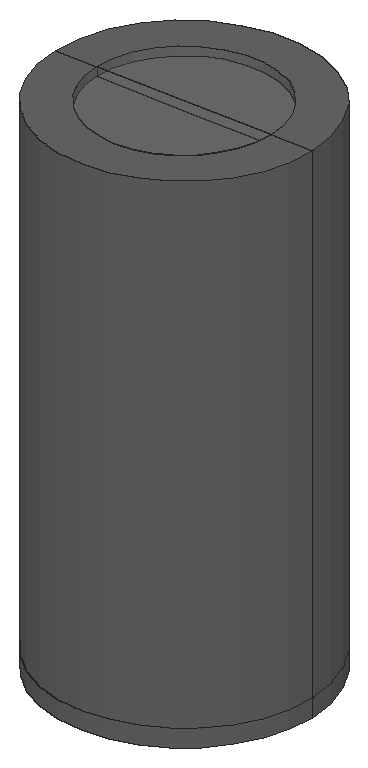
Revit family "LTC-6RDW-S", category Lighting Fixtures, host Face, Revit 2017
Family settings
  Host = Face
  Round Connector Dimension = Use Diameter
  Part Type = Normal
  OmniClass Number = 23.80.70.11.14.11
  OmniClass Title = Downlights
  Cut with Voids When Loaded = No
  Light Source = Yes
  Shared = No
  Room Calculation Point = No
Parameters (values of type "LTC-6RDW-S")
  Wattage Comments = ""
  Wattage = 70 W
  Warranty = "• 5 year warranty\r\n• See HLI Standard Warranty for\r\nadditional information"  # constant formula
  built-in parameter 1150110 = 1 (stored number, unit not read)
  Voltage = 120 V
  built-in parameter 1114217 = 1 (stored number, unit not read)
  Tilt Angle = -90.00°  # constant formula
  built-in parameter 1150109 = 1 (stored number, unit not read)
  built-in parameter 1150134 = 3
  built-in parameter 1150113 = 1 (stored number, unit not read)
  SRMD = no
  S = yes
  Product Material = Paint - Hubbell - Carbon Black
  Photometric Web File = "LTC-6RD-P-20L35K8MD-DM1-S-BL.ies"
  Glass = Hubbell - White Glass
  Features = "• 6inch architectural LED downlight and wall wash cylinder\r\ndelivering 600 - 7000 lm\r\n• 4 beam distributions from 0.3 to 1.1 Spacing Criteria\r\n• Quiet reflector appearance with 50º optical cutoff\r\n• 2700K - 5000K, 80+ and 90+ CRI options\r\n• Available in Surface, Wall, Pendant, or Cord Mount configurations\r\n• Variety of dimming protocol options including 0-10V, DALI, DMX,\r\nForward Phase and EcoSystem\r"  # constant formula
  Cord Height = 72.000"
  built-in parameter 1150105 = 389.93 (stored number, unit not read)
  Lumens = 4900 lm
  built-in parameter 1150115 = 1 (stored number, unit not read)
  built-in parameter 1150137 = (empty or 0)
  built-in parameter 1150139 = (empty or 0)
  built-in parameter 1150112 = 1 (stored number, unit not read)
  built-in parameter 1150114 = 1 (stored number, unit not read)
  built-in parameter 1150132 = (empty or 0)
  built-in parameter 1150102 = (empty or 0)
  built-in parameter 1150107 = 3200 (stored number, unit not read)
  built-in parameter 1150138 = (empty or 0)
  built-in parameter 1150106 = 3.8993 (stored number, unit not read)
  Emit from Circle Diameter = 6.000"  # constant formula
  Emit Shape Visible in Rendering = no
  built-in parameter 1150104 = 6.5032 (stored number, unit not read)
  Dimming Lamp Color Temperature Shift = <None>
  Copyright = "© 2021 Prescolite, a division of Hubbell Lighting, Inc"  # constant formula
  Contact us = "https://www.hubbell.com/prescolite/en/contactUs"
  Color Filter = 16777215
  Certifications = "• cCSAus certified to UL 1598\r\n• Wall Mount: Suitable for wet locations\r\n• Surface & Pendant Mount: Suitable for wet\r\nlocations under covered ceiling\r\n• Cord Mount and all Wall Wash: Suitable for\r\ndamp locations"  # constant formula
  Canopy WIdth = 7.340"
  Canopy Height = 0.500"
  Canopy = yes
  built-in parameter 1114218 = 1 (stored number, unit not read)
  Ballast = Paint - Hubbell - Carbon Black
  URL = "http://www.prescolite.com/"
  Product Page URL = "https://www.hubbell.com/prescolite/en/Products/Lighting-Controls/Commercial-Indoor-Lighting/Cylinder/LITEISTRY-6-Round-Cylinder-DownlightWall-Wash/p/3775872"
  Product Documentation Link = "https://hubbellcdn.com/specsheet/LTC-6RDW.pdf"
  Model = "LTC-6RDW"  # constant formula
  Manufacturer = "Prescolite"  # constant formula
  Lamp = "LED Lamp"
  Reflector = Glass - Hubbell - Glass
  Description = "LITEISTRY™ 6inch Round Cylinder Downlight/Wall Wash"  # constant formula
  Default Elevation = 48.000"
  built-in parameter 1150133 = 10 (stored number, unit not read)
  Apparent Load = 72 VA  # constant formula
Types (6): name | SRMD | S | Canopy WIdth | Canopy Height
  (no name) | no | yes | 7.340" | 0.500"
  LTC-6RDW-SRMD | yes | no | 7.500" | 3.000"
  LTC-6RDW-S | no | yes | 7.340" | 0.500"
  LTC-6RDW-SCC | no | no | 7.500" | 3.000"
  LTC-6RDW-SPC | no | yes | 7.500" | 3.000"
  LTC-6RDW-SPCC | no | no | 7.580" | 4.500"
Reference planes (in)
  plane 1 "Center (Front/Back)": y = 0
  plane 2: z = 0
  plane 3 "Center (Left/Right)": x = 0
  plane 4: y = 1
  plane 5: y = -1
  plane 6: x = 3
  plane 7: x = -3
  plane 8: x = -2.75391
  plane 9: x = 2.75391
  plane 10: x = -3.67
  plane 11: x = 3.67
  plane 12: z = 0.5
  plane 13: z = 14.5
Forms (in)
  Revolve 1, solid, material "Paint - Hubbell - Carbon Black" <- "Ballast", visible <- "SRMD"
    sketch origin (0, 0, 0) x (1, 0, 0) y (0, 0, 1)
      loop
        line (0, -6) -> (0, 0.00055) -> (-2.5, 0.00055) -> (-2.5, -0.43712)
        arc (-2.5, -0.43712) -> (-2.48175, -0.48119) -> (-2.43767, -0.49945) r 0.06233
        line (-2.43767, -0.49945) -> (-2.30081, -0.49945)
        arc (-2.30081, -0.49945) -> (-2.26488, -0.51433) -> (-2.25, -0.55026) r 0.05081
        line (-2.25, -0.55026) -> (-2.25, -4.55877)
        arc (-2.25, -4.55877) -> (-2.2306, -4.6056) -> (-2.18377, -4.625) r 0.06623
        line (-2.18377, -4.625) -> (-2.03463, -4.625)
        arc (-2.03463, -4.625) -> (-2.01014, -4.63514) -> (-2, -4.65963) r 0.03463
        line (-2, -4.65963) -> (-2, -5.88059)
        arc (-2, -5.88059) -> (-1.96503, -5.96503) -> (-1.88059, -6) r 0.11941
        line (-1.88059, -6) -> (0, -6)
      axis (0, 0.00055) -> (0, -6)
    angle from 0 to 360
  Revolve 2, solid, material "Paint - Hubbell - Carbon Black" <- "Product Material"
    sketch origin (-0.04663, 0, 1) x (1, 0, 0) y (0, 0, 1)
      loop
        line (2.545, 13.5) -> (2.545, 13.25) -> (0.04663, 13.25) -> (0.04663, -0.5) -> (3.71663, -0.5) -> (3.71663, 13.5) -> (2.545, 13.5)
      axis (0.04663, 13.5) -> (0.04663, -0.5)
    angle from 0 to 360
  Revolve 3, solid, material "Hubbell - White Glass" <- "Glass"
    sketch origin (-0.04663, 0, 0) x (1, 0, 0) y (0, 0, 1)
      loop
        line (0.04663, 14.5) -> (0.04663, 14.25) -> (2.545, 14.25) -> (2.545, 14.5) -> (0.04663, 14.5)
      axis (0.04663, 14.5) -> (0.04663, 14.25)
    angle from 0 to 360
  Revolve 4, solid, material "Paint - Hubbell - Carbon Black" <- "Product Material", visible <- "Canopy"
    sketch origin (-0.04663, 0, 0.25) x (1, 0, 0) y (0, 0, 1)
      loop
        line (0.04663, -0.25) -> (3.71663, -0.25) -> (3.71663, 0.25) -> (0.04663, 0.25) -> (0.04663, -0.25)
      axis (0.04663, 0.25) -> (0.04663, -0.25)
    angle from 0 to 360
  Revolve 5, solid, material "Paint - Hubbell - Carbon Black" <- "Ballast", visible <- "S"
    sketch origin (0, 0, 0) x (1, 0, 0) y (0, 0, 1)
      loop
        line (0, 0.00055) -> (0, -0.99945) -> (1.92, -0.99945) -> (1.92, 0.00055) -> (0, 0.00055)
      axis (0, 0.00055) -> (0, -0.99945)
    angle from 0 to 360
Dimensions and locks (in)
  plane 4 to plane 1 "Center (Front/Back)" to plane 5 = 1.000" locked, 1.000" locked
  host face to Revolve 1 sketch curve = 6.000"
  equal spacing: plane 11, plane 3 "Center (Left/Right)", plane 10
  "Canopy WIdth": plane 11 to plane 10
  "Canopy Height": plane 12 to plane 2
  Revolve 2 sketch curve to Revolve 2 sketch curve to Revolve 2 sketch curve = 0.250" locked, 13.750" locked
  locked: Revolve 2 to Revolve 2 at 0.25
  locked: plane 13 to plane 12 at 14
  aligned and locked: plane 2 to host face
  aligned and locked: plane 3 "Center (Left/Right)" to imposter light
  aligned and locked: Revolve 4 sketch curve to Revolve 4 sketch curve
  aligned and locked: Revolve 4 to plane 12
  aligned and locked: plane 13 to Revolve 2 sketch curve
  aligned and locked: Revolve 2 to plane 13
  aligned and locked: Revolve 3 sketch curve to plane 3 "Center (Left/Right)"
  aligned and locked: plane 3 "Center (Left/Right)" to Revolve 3 sketch curve
  aligned and locked: imposter light to plane 13
  aligned and locked: Revolve 2 sketch curve to plane 3 "Center (Left/Right)"
  aligned and locked: Revolve 2 sketch curve to Revolve 2 sketch curve
  aligned and locked: Revolve 4 sketch curve to plane 3 "Center (Left/Right)"
  aligned and locked: plane 11 to Revolve 4 sketch curve
  aligned and locked: Revolve 4 sketch curve to plane 12
  aligned and locked: Revolve 4 sketch curve to host face
Automatic sketch dimensions
  host sketch curve to host sketch curve = 96.000"  (x2)
  Revolve 1 sketch curve to plane 3 "Center (Left/Right)" = 0.000"  (x2)
  plane 8 to Revolve 1 sketch curve = 0.87332"
  Revolve 1 sketch curve to Revolve 1 sketch curve = 0.11941"
  Revolve 1 sketch curve to Revolve 1 sketch curve = 0.03463"
  Revolve 1 sketch curve to Revolve 1 sketch curve = 0.14914"
  Revolve 1 sketch curve to Revolve 1 sketch curve = 0.06623"
  Revolve 1 sketch curve to Revolve 1 sketch curve = 0.05081"
  Revolve 1 sketch curve to Revolve 1 sketch curve = 0.13687"
  level to Revolve 1 sketch curve = 0.00055"
  plane 8 to Revolve 1 sketch curve = 0.25391"
  Revolve 1 sketch curve to Revolve 1 sketch curve = 1.22096"
  Revolve 1 sketch curve to level = 0.55026"
  Revolve 1 sketch curve to Revolve 1 sketch curve = 17.63999"
  Revolve 1 sketch curve to plane 12 = 100.07883"
  Revolve 2 sketch curve to Revolve 2 sketch curve = 1.17163"
  Revolve 2 sketch curve to level = 23.000"
  Revolve 2 sketch curve to Revolve 2 sketch curve = 16.88245"
  Revolve 3 sketch curve to plane 12 = 13.750"
  Revolve 3 sketch curve to Revolve 3 sketch curve = 0.250"
  Revolve 3 sketch curve to level = 13.73828"
  Revolve 3 sketch curve to Revolve 3 sketch curve = 7.000"
  Revolve 4 sketch curve to level = 23.750"
  Revolve 4 sketch curve to Revolve 4 sketch curve = 24.89417"
  plane 3 "Center (Left/Right)" to Revolve 2 sketch curve = 2.49837"
  plane 3 "Center (Left/Right)" to Revolve 3 sketch curve = 2.49837"
  Revolve 5 sketch curve to plane 3 "Center (Left/Right)" = 0.000"  (x2)
  level to Revolve 5 sketch curve = 0.00055"
  Revolve 5 sketch curve to plane 11 = 1.750"
  Revolve 5 sketch curve to level = 0.99945"
  Revolve 5 sketch curve to Revolve 5 sketch curve = 22.64054"
  Revolve 5 sketch curve to plane 13 = 86.07883"
Connectors (in)
  electrical at (0, 0, 0), driven by "Description", driven by "Voltage", driven by "Apparent Load"
    settings: index 1, voltage 120 V, apparent load 72 VA, apparent load phase1 0 VA, apparent load phase2 0 VA, apparent load phase3 0 VA, power factor 1, load classification "Other", number of poles 1, system type 30, power factor state 1, is connector primary yes, connector utility no, sub classification motor no, connector description "LITEISTRY™ 6inch Round Cylinder Downlight/Wall Wash"
